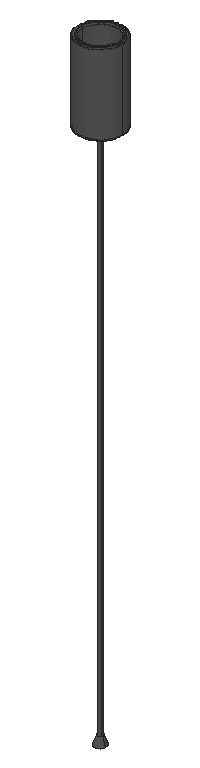
Revit family "CARLO CYLINDER LIGHT Pendant_ Surface", category Lighting Fixtures, host Face, Revit 2020 (continued)
Types (13): name | Wattage_Input | Wattage Comments | Wattage | built-in parameter 1150134 | Size 08 | Size 04 | Photometric Web File | built-in parameter 1150142 | Model | built-in parameter 1150105 | Lumens | built-in parameter 1150107 | built-in parameter 1150106 | Fixture Height | Fixture Diameter | BEAMING ANGLE | Apparent Load
    767 9.4854 9.5699 9.6259 9.6499 9.6497 9.6334 9.5968 \r\n 9.5359 9.4549 9.3539 9.249 9.1481 9.0556 8.9916 8.9757 8.9802 9.0287 \r\n 9.2385 \r\n6620.4 6512.7 6337.3 6096.8 5769.4 5375.5 4936.1 4466.6 3990.5 3530.3 \r\n 3082.6 2655.5 2275.3 1953.2 1673.2 1442 1245 1106.6 968.85 870.12 \r\n 798 744.97 703.26 672.02 648.04 628.81 613.25 602.39 593.76 586.82 \r\n 579.71 570.95 562.87 546.78 535.14 520.34 494.26 456.89 411.01 360.96 \r\n 310.92 258.26 206.4 154.38 112.74 71.186 44.383 37.215 33.644 29.231 \r\n 26.16 23.416 21.105 18.898 16.684 14.213 11.945 9.6985 7.8503 6.0416 \r\n 4.5914 3.513 2.7998 2.271 1.8724 1.5956 1.3882 1.2658 1.1643 1.0951 \r\n 1.0141 0.96113 0.89652 0.83165 0.77882 0.71406 0.65722 0.60045 0.53162 0.47878 \r\n 0.41802 0.3572 0.29638 0.24375 0.19104 0.14234 0.097701 0.049082 0.00042468 0 \r\n 0 0 0 0 0 0 0 0 0 0 \r\n 0 0 0 0.0040221 0.016123 0.036335 0.068596 0.10103 0.12544 0.16182 \r\n 0.19429 0.24281 0.2794 0.33198 0.37665 0.42527 0.48198 0.53458 0.5913 0.6561 \r\n 0.72499 0.78589 0.86278 0.93178 1.0088 1.0938 1.179 1.2682 1.3692 1.4786 \r\n 1.5921 1.7337 1.8756 2.0336 2.2159 2.4064 2.6211 2.8521 3.1073 3.3668 \r\n 3.6537 3.9496 4.2657 4.594 4.9265 5.267 5.6036 5.9441 6.2727 6.593 \r\n 6.9013 7.1966 7.4725 7.7201 7.9594 8.1826 8.3815 8.5761 8.7547 8.917 \r\n 9.0752 9.2172 9.3427 9.4483 9.5336 9.5907 9.6394 9.6599 9.6561 9.6561 \r\n 9.5998 9.5148 9.4055 9.2924 9.1748 9.0813 9.0121 8.9834 8.9791 8.9952 \r\n 9.2385 \r\n6620.4 6527.5 6352.6 6114.2 5796.5 5411.3 4977.4 4516.1 4039.7 3576.4 \r\n 3129.5 2708.5 2319.2 1988.7 1717.6 1478.2 1278.2 1132.8 988.14 888.06 \r\n 811.76 753.51 712.13 679.48 654.33 634.41 619.95 607.71 598.43 590.08 \r\n 583.94 576.35 568.15 550.54 536.99 522.64 497.14 461.98 417.44 368.86 \r\n 318.62 263.94 213.63 161.03 119.67 78.454 51.126 40.2 34.504 29.367 \r\n 26.336 23.333 21.212 18.927 16.952 14.613 12.095 9.8084 7.9665 6.1841 \r\n 4.7072 3.6588 2.8811 2.3213 1.8931 1.6225 1.4125 1.2851 1.1938 1.1186 \r\n 1.0435 0.9802 0.91716 0.85785 0.79468 0.73537 0.68002 0.6169 0.55759 0.49051 \r\n 0.42726 0.37186 0.31264 0.26134 0.20218 0.15462 0.10331 0.059757 0.00068001 0 \r\n 0 0 0 0 0 0 0 0 0 0 \r\n 0 0 0 0.0039081 0.023495 0.051069 0.07865 0.11801 0.14581 0.18127 \r\n 0.22854 0.26814 0.31937 0.37073 0.42209 0.47736 0.53267 0.59563 0.65494 0.722 \r\n 0.78526 0.85628 0.92349 1.0024 1.0814 1.1721 1.2552 1.3499 1.4561 1.5745 \r\n 1.7125 1.8547 2.0087 2.1823 2.3834 2.5966 2.8295 3.0783 3.3545 3.6428 \r\n 3.946 4.2658 4.5898 4.9332 5.2692 5.605 5.9447 6.2766 6.6007 6.909 \r\n 7.2016 7.4619 7.7305 7.964 8.1776 8.3753 8.5533 8.7194 8.8775 9.016 \r\n 9.1504 9.2808 9.3874 9.4941 9.5773 9.6525 9.7041 9.7282 9.7402 9.7442 \r\n 9.7286 9.6659 9.591 9.5083 9.4214 9.354 9.2908 9.2588 9.2467 9.2778 \r\n 9.2385 \r\n6620.4 6571.8 6435.9 6225.7 5944.7 5596 5176.2 4733.5 4270.5 3802.5 \r\n 3358.2 2926.8 2546.2 2166.2 1859.5 1600 1382.6 1195 1048.4 937.28 \r\n 848.12 782.31 732.11 692.81 665 640.51 624.58 611.63 600.37 591.92 \r\n 585.61 578.08 570.06 553.92 540.64 527.13 506.76 475.71 434.54 388.44 \r\n 336.74 286.7 234.16 181.66 133.74 92.893 61.981 43.226 37.835 32.938 \r\n 29.153 25.077 21.865 19.643 17.539 15.221 13.115 10.542 8.5921 6.7866 \r\n 5.2365 4.0597 3.2272 2.593 2.1026 1.7459 1.4961 1.3139 1.1988 1.1037 \r\n 1.0321 0.95687 0.90897 0.83764 0.78587 0.7225 0.66288 0.59931 0.53577 0.47617 \r\n 0.41654 0.353 0.29344 0.23785 0.1862 0.13447 0.075154 0.031539 0 0 \r\n 0 0 0 0 0 0 0 0 0 0 \r\n 0.000063 0.0081069 0.027939 0.043798 0.055788 0.075763 0.10751 0.13544 0.17509 0.20688 \r\n 0.25058 0.29432 0.34196 0.38574 0.43742 0.49305 0.54871 0.6083 0.66794 0.73151 \r\n 0.79494 0.86251 0.93406 1.0096 1.0891 1.1725 1.2559 1.3396 1.4469 1.5583 \r\n 1.6855 1.8128 1.9635 2.1266 2.3174 2.5161 2.727 2.9734 3.22 3.5022 \r\n 3.7924 4.0984 4.4165 4.7533 5.0909 5.4209 5.7743 6.1081 6.4457 6.7634 \r\n 7.0652 7.3551 7.6251 7.8831 8.1089 8.3232 8.5138 8.6925 8.8593 9.0142 \r\n 9.1572 9.3 9.4191 9.5223 9.6215 9.7045 9.7639 9.7875 9.7874 9.7753 \r\n 9.7394 9.6875 9.6121 9.5365 9.4572 9.3897 9.3307 9.3308 9.339 9.3784 \r\n 9.2385 \r\n6620.4 6599.8 6479.4 6286.8 6031.4 5701.1 5309.3 4879.8 4420.5 3960.7 \r\n 3508.5 3072.4 2652.2 2269.5 1956.7 1681.2 1446.1 1249.1 1107.1 965.73 \r\n 871.15 798.49 744.75 702.73 669.82 645.33 626.44 612.96 601.86 591.65 \r\n 584.02 576.77 569.22 553.98 540.51 527.01 510.97 479.7 439.23 393.76 \r\n 341.75 292.02 238.93 189.14 139.31 101.01 62.843 43.449 36.996 32.016 \r\n 27.044 23.886 21.389 19.203 17.23 15.181 12.713 10.539 8.5825 6.8963 \r\n 5.2723 4.1455 3.257 2.6118 2.1233 1.7825 1.5184 1.3616 1.2376 1.1336 \r\n 1.0654 0.98974 0.94566 0.87816 0.82217 0.76238 0.70255 0.64272 0.57894 0.52301 \r\n 0.45928 0.39546 0.33953 0.2799 0.22007 0.176 0.1203 0.072341 0.024476 0.00026878 \r\n 0 0 0 0 0 0 0 0 0 0 \r\n 0 0 0 0 0.0078933 0.027714 0.055479 0.079461 0.12309 0.15121 \r\n 0.19489 0.23483 0.2826 0.33047 0.38228 0.43808 0.48603 0.54951 0.60545 0.67312 \r\n 0.73698 0.8008 0.87251 0.94825 1.028 1.1038 1.1914 1.2713 1.3745 1.4861 \r\n 1.6096 1.7372 1.8884 2.04 2.2231 2.4185 2.6257 2.8608 3.1158 3.3751 \r\n 3.6533 3.9601 4.2751 4.6099 4.945 5.284 5.6152 5.9581 6.2853 6.6084 \r\n 6.9157 7.2063 7.4817 7.7372 7.9649 8.1805 8.3801 8.5559 8.7196 8.8752 \r\n 9.0268 9.1626 9.286 9.3979 9.4859 9.5658 9.6337 9.6897 9.6943 9.6983 \r\n 9.7023 9.6589 9.5993 9.5199 9.4598 9.3803 9.332 9.2842 9.26 9.2597 \r\n 9.2385 \r\n6620.4 6641.8 6555.3 6380.5 6148.4 5865.4 5505.4 5100.8 4666.8 4193.7 \r\n 3739.2 3295.9 2855.5 2471.7 2124 1820.2 1565 1342.5 1166.9 1023.6 \r\n 912.2 830.23 768.66 720.64 685.85 656.39 633.22 616.73 604.49 593.05 \r\n 583.94 577.26 569.85 556.11 542.4 530.69 516.17 491.11 453.1 406.19 \r\n 354.38 305.28 253.57 201.85 149.01 104.97 68.792 45.359 37.114 31.433 \r\n 26.6 23.608 21.494 19.48 17.317 15.233 13.004 11.028 9.024 7.2987 \r\n 5.7075 4.4565 3.5096 2.8221 2.2799 1.892 1.5963 1.3845 1.2445 1.1288 \r\n 1.0606 0.98468 0.92857 0.8684 0.80046 0.74853 0.69642 0.64021 0.56827 0.51606 \r\n 0.44796 0.37986 0.31191 0.25972 0.19578 0.14767 0.095797 0.051702 0.0039738 0 \r\n 0 0 0 0 0 0 0 0 0 0 \r\n 0 0.000066 0.0081109 0.020198 0.040263 0.064298 0.088333 0.11248 0.14854 0.18446 \r\n 0.21663 0.2647 0.3127 0.35286 0.4049 0.45308 0.51313 0.56925 0.62934 0.68946 \r\n 0.75341 0.82151 0.88964 0.96181 1.0419 1.1181 1.2062 1.2944 1.3826 1.4869 \r\n 1.5992 1.7314 1.8634 2.0198 2.1921 2.3765 2.5731 2.8054 3.0381 3.3025 \r\n 3.5711 3.8677 4.1762 4.492 4.8285 5.1689 5.5054 5.842 6.1902 6.5067 \r\n 6.819 7.1194 7.4114 7.6637 7.9113 8.1434 8.3476 8.5357 8.704 8.8721 \r\n 9.0243 9.1764 9.3124 9.4324 9.5285 9.6203 9.7002 9.7518 9.7518 9.7518 \r\n 9.7435 9.7073 9.655 9.5789 9.5029 9.4388 9.3708 9.3192 9.2993 9.2993 \r\n 9.2385 \r\n6620.4 6652.3 6568 6397.9 6165.2 5903.7 5559.2 5163.1 4721.7 4267.2 \r\n 3801.1 3347.9 2919.3 2515.1 2160.6 1844.2 1583.4 1360.8 1169.9 1045.3 \r\n 921.53 833.22 773.31 723.13 684.52 655.37 632.32 615.14 601.04 590.77 \r\n 580.93 573.35 566.01 548.86 536.53 525.2 512.07 487.51 449.01 404.05 \r\n 349.99 300.35 242.91 192.15 141.99 103.46 65.068 44.767 37.827 31.722 \r\n 26.838 23.61 21.413 19.408 17.365 15.227 13.059 10.995 9.1181 7.4182 \r\n 5.8075 4.5112 3.5 2.7541 2.2137 1.8503 1.6001 1.4108 1.2975 1.1891 \r\n 1.1165 1.0402 0.99191 0.93581 0.86771 0.81137 0.74723 0.69094 0.6268 0.56257 \r\n 0.49834 0.43808 0.3739 0.30984 0.24561 0.19724 0.14511 0.096885 0.05268 0.00058608 \r\n 0 0 0 0 0 0 0 0 0 0 \r\n 0 0 0 0 0 0.015892 0.043795 0.06793 0.10788 0.13612 \r\n 0.18009 0.22028 0.26042 0.31644 0.3647 0.42082 0.46908 0.52504 0.5852 0.64938 \r\n 0.70965 0.7778 0.84604 0.92222 1.0025 1.0788 1.163 1.2433 1.3432 1.4436 \r\n 1.5637 1.6881 1.8245 1.9848 2.1453 2.3377 2.5383 2.7589 3.0114 3.2643 \r\n 3.5364 3.8371 4.1461 4.475 4.8002 5.1373 5.4666 5.8116 6.141 6.4582 \r\n 6.7793 7.0719 7.357 7.6222 7.8594 8.0962 8.2894 8.4821 8.6549 8.8156 \r\n 8.9762 9.1249 9.2611 9.3857 9.4903 9.5788 9.6553 9.7117 9.752 9.7644 \r\n 9.7645 9.7645 9.7089 9.6291 9.5409 9.4605 9.3802 9.3078 9.2633 9.2589 \r\n 9.2385 \r\n" | "CCL4-07-20SPSW8-25-PSM-BK" | 135.28 (stored number, unit not read) | 1700 lm | 2700 (stored number, unit not read) | 1.3528 (stored number, unit not read) | 0' - 7 51/256" | 0' - 4" | 25.00° | 20 VA
